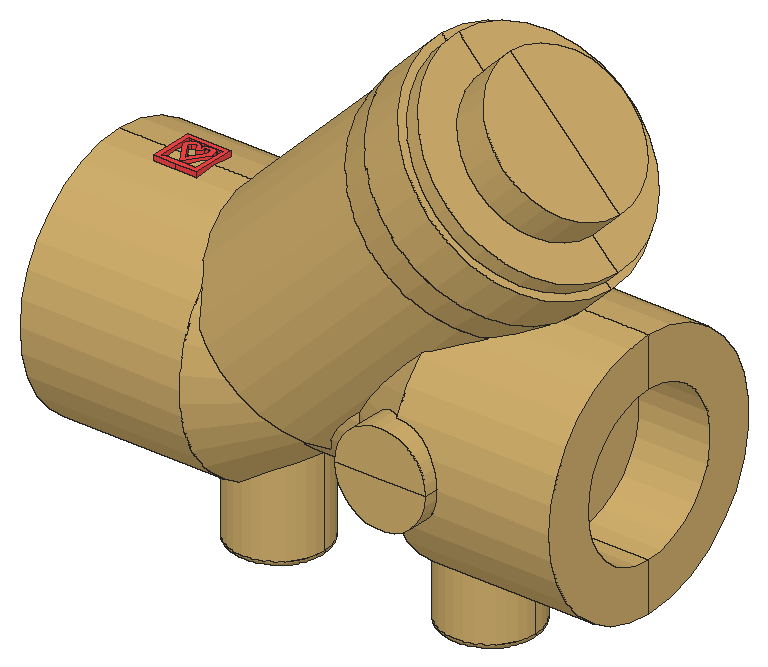
Revit family "Schmutzfänger 4111", category Rohrzubehör, Revit 2020
Family settings
  Bemaßung runder Anschluss = Durchmesser verwenden
  Teiletyp = Unterbricht
  OmniClass-Nummer = 23.65.55.14
  OmniClass-Titel = Valves for Liquid Services
  Arbeitsebenenbasiert = Nein
  Immer vertikal = Ja
  Beim Laden mit Abzugskörper schneiden = Nein
  Gemeinsam genutzt = Nein
Parameters
  max.Betriebstemp. = 110 °C  # constant formula
  W01 = 45.00°  # constant formula
  Vorgabe-Ansicht = 0.000 mm
  URL = "www.herz-armaturen.at"
  Siebkappe = "geschmiedetes Messing gem. EN 12420, CW617N"  # constant formula
  Sieb = "Streckmetall, Rautenmasche, Edelstahl 1.4301, Maschenweite 0,75mm"  # constant formula
  SW02 [instance] = size_lookup("4111_", "SW2", 11.000 mm, Nennweite)  # 8.500 mm
  SW01 [instance] = size_lookup("4111_", "SW1", 16.000 mm, Nennweite)  # 16.000 mm
  SCTWSEQ = "AW;SBT_TYP_AW=\"112\";2"
  SCTWCODE = "04;16;02"  # constant formula
  SCRNSEQ = "AWI;AWI_TYP=\"1011\";2"
  SCRNCODE = "05;15;02"  # constant formula
  S01 [instance] = R01 * 2  # 52.000 mm
  R100 = 1.000 mm  # constant formula
  R10 [instance] = size_lookup("4111_", "R10", 8.500 mm, Nennweite)  # 6.950 mm
  R09 [instance] = size_lookup("4111_", "R9", 30.000 mm, Nennweite)  # 15.000 mm
  R08 [instance] = R07 - 1.500 mm  # 23.500 mm
  R07 [instance] = size_lookup("4111_", "R7", 46.500 mm, Nennweite)  # 25.000 mm
  R06 [instance] = size_lookup("4111_", "R6", 43.000 mm, Nennweite)  # 24.000 mm
  R05 [instance] = Nennweite / 2  # 16.000 mm
  R04 [instance] = size_lookup("4111_", "R4", 11.500 mm, Nennweite)  # 9.500 mm
  R03 = 9.500 mm  # constant formula
  R02 [instance] = Nennweite / 2  # 16.000 mm
  R01 [instance] = (Nennweite / 2) + 10.000 mm  # 26.000 mm
  PN [instance] = size_lookup("4111_", "PN", 16, Nennweite)  # 25
  Nennweite [instance] = 32.000 mm
  Medium = "Heizungswasserqualität nach ÖNORM H 5195 oder VDI-Richtline 2035. Die Verwendung von Ethylen- oder\r\nPropylenglykol in einem Mischungsverhältnis 25 - 50% ist zulässig. Bitte beachten Sie die Hersteller- Dokumentation,\r\nwenn Glykol-Produkte für Frost- und Korrosionsschutz zum Einsatz kommen. EPDM-Dichtungen können durch\r\nMineralöle und Schmiermittel beschädigt werden und somit kann es zum Versagen der EPDM-Dichtungen führen.\r\nHERZ Kugelhähne sind nicht für den Einsatz von agressiven Medien (wie Säuren, Laugen, brennbaren und explosiven\r\nGase) geeignet, da die Dichtelemente beschädigt werden können."
  L16 [instance] = L03 - 4.500 mm  # 10.500 mm
  L15 [instance] = R01 - 1.000 mm  # 25.000 mm
  L14 [instance] = L06 - L08  # 7.300 mm
  L13 [instance] = size_lookup("4111_", "L13", 4.000 mm, Nennweite)  # 3.500 mm
  L12 = 0.800 mm  # constant formula
  L11 [instance] = size_lookup("4111_", "L11", 11.000 mm, Nennweite)  # 8.000 mm
  L10 = 3.500 mm  # constant formula
  L09 [instance] = size_lookup("4111_", "L9", 11.000 mm, Nennweite)  # 10.000 mm
  L08 [instance] = size_lookup("4111_", "L8", 35.000 mm, Nennweite)  # 52.700 mm
  L07 [instance] = size_lookup("4111_", "L7", 35.000 mm, Nennweite)  # 20.000 mm
  L06 [instance] = size_lookup("4111_", "L6", 118.000 mm, Nennweite) - L09  # 60.000 mm
  L05 [instance] = size_lookup("4111_", "L5", 44.000 mm, Nennweite)  # 27.500 mm
  L04 [instance] = size_lookup("4111_", "L4", 45.000 mm, Nennweite)  # 28.600 mm
  L03 = 15.000 mm  # constant formula
  L02 [instance] = size_lookup("4111_", "L2", 22.000 mm, Nennweite)  # 7.500 mm
  L01 [instance] = size_lookup("4111_", "L1", 48.000 mm, Nennweite)  # 33.000 mm
  L00 [instance] = size_lookup("4111_", "L", 180.000 mm, Nennweite)  # 110.000 mm
  Innengewinde = "gem. ISO 228-1"  # constant formula
  Hersteller = "Herz-Armaturen GmbH"  # constant formula
  H01 [instance] = size_lookup("4111_", "H1", 53.000 mm, Nennweite)  # 39.000 mm
  Gehäuse = "entzinkungsbeständiges Messing CC770S"  # constant formula
  Dichtungen = "EPDM"  # constant formula
  Bestellnummer [instance] = size_lookup("4111_", "Artnr", 0, Nennweite)  # 1411114
  Anwendungsgebiet = "Die Schmutzfänger werden in Rohrleitungen eingebaut, um schädliche Fremdkörper von den feinst bearbeiteten\r\nVentilsitzen fernzuhalten. Anwendungsgebiete sind haustechnische Anlagen, wie z.B. Heizungs- oder\r\nKaltwasseranlagen für die Klimatisierung von Gebäuden. Aromatische Chlorkohlenwasserstoffe, welche in Erdgas,\r\nErdölen und Schmiermitteln vorkommen, zerstören die EPDM- Dichtungen."
Reference planes
  plane 1 "Mitte (Vorne/hinten)": y = 0
  plane 2: z = 0
  plane 3 "Mitte (Links/rechts)": x = 0
Forms (mm)
  Revolve 1, solid, material "Messing", detail levels fine
    sketch origin (470, 0, 0) x (1, 0, 0) y (0, 0, 1)
      loop
        line (-525, 16) -> (-510, 16) -> (-510, 0) -> (-430, 0) -> (-430, 16) -> (-415, 16) -> (-415, 26) -> (-448, 26) -> (-462.5, 16) -> (-477.5, 16) -> (-492, 26) -> (-525, 26) -> (-525, 16)
      axis (-525, 0) -> (-415, 0)
    angle from 0 to 360
  Revolve 2, solid, material "Messing", detail levels fine
    sketch origin (470, 0, 0) x (1, 0, 0) y (0, 0, 1)
      loop
        line (-501.5, 0) -> (-501.5, -38)
        arc (-501.5, -38) -> (-501.207, -38.707) -> (-500.5, -39) r 1
        line (-500.5, -39) -> (-492, -39) -> (-492, 0) -> (-501.5, 0)
      axis (-492, 0) -> (-492, -39)
    angle from 0 to 360
  Revolve 3, solid, material "Messing", detail levels fine
    sketch origin (0, 0, 0) x (1, 0, 0) y (0, 1, 0)
      loop
        line (22, -28.6) -> (31.5, -28.6) -> (31.5, 27.5) -> (22, 27.5) -> (22, -28.6)
      axis (22, -28.6) -> (22, 27.5)
    angle from 0 to 360
  Revolve 4, solid, material "Messing", detail levels fine
    sketch origin (-470, 0, 0) x (-1, 0, 0) y (0, 0, 1)
      loop
        line (-501.5, 0) -> (-501.5, -38)
        arc (-501.5, -38) -> (-501.207, -38.707) -> (-500.5, -39) r 1
        line (-500.5, -39) -> (-492, -39) -> (-492, 0) -> (-501.5, 0)
      axis (-492, 0) -> (-492, -39)
    angle from 0 to 360
  Revolve 5, solid, material "Messing", detail levels fine
    sketch origin (0.32, 0, -0.105) x (1, 0, 0) y (0, 0, 1)
      loop
        line (-20.32, 0) -> (37.309, 57.629) -> (25.995, 68.943) -> (20.339, 63.286) -> (15.035, 68.589) -> (12.56, 66.114) -> (11.5, 67.175) -> (4.429, 60.104) -> (-0.026, 54.235) -> (-32.129, 22.132) -> (-31.634, 11.314) -> (-20.32, 0)
      axis (-20.32, 0) -> (37.309, 57.629)
    angle from 0 to 360
Lines and regions (mm)
  model lines, detail levels coarse+medium
    curve 1: line (-55, 0, 26) -> (55, 0, 26)
    curve 2: line (-55, 0, -26) -> (-55, 0, 26)
    curve 3: line (55, 0, -26) -> (-55, 0, -26)
    curve 4: line (55, 0, 26) -> (55, 0, -26)
    curve 6: line (-55, 26, 0) -> (55, 26, 0)
    curve 7: line (-55, -26, 0) -> (-55, 26, 0)
    curve 8: line (55, -26, 0) -> (-55, -26, 0)
    curve 9: line (55, 26, 0) -> (55, -26, 0)
    curve 10: line (55, -26, 0) -> (-55, 26, 0)
  symbolic lines, style "PipeAccessory"
    curve 5: line (55, 0, -26) -> (-55, 0, 26)
Dimensions and locks
  "H01": plane 2 to Revolve 2 sketch curve
  "L00": Revolve 1 sketch curve to Revolve 1 sketch curve
  equal spacing: Revolve 1 sketch curve, plane 3 "Mitte (Links/rechts)", Revolve 1 sketch curve
  "R01": Revolve 1 sketch curve to Revolve 1 sketch curve  (x2)
  "R02": Revolve 1 sketch curve to Revolve 1 sketch curve  (x3)
  "L01": Revolve 1 sketch curve to Revolve 1 sketch curve  (x2)
  "L02": plane 3 "Mitte (Links/rechts)" to Revolve 1 sketch curve
  "L02": Revolve 1 sketch curve to plane 3 "Mitte (Links/rechts)"
  "L03": Revolve 1 sketch curve to Revolve 1 sketch curve  (x2)
  "L01": Revolve 1 to Revolve 2 sketch curve
  "R03": Revolve 2 sketch curve to Revolve 2 sketch curve
  "L01": Revolve 4 sketch curve to Revolve 1
  "R03": Revolve 4 sketch curve to Revolve 4 sketch curve
  "H01": plane 2 to Revolve 4 sketch curve
  "L04": Revolve 3 sketch curve to plane 1 "Mitte (Vorne/hinten)"
  "L05": plane 1 "Mitte (Vorne/hinten)" to Revolve 3 sketch curve
  "R04": Revolve 3 sketch curve to Revolve 3 sketch curve
  "L01": Revolve 3 sketch curve to Revolve 1
  "SW01": Revolve 5 sketch curve to Revolve 5 sketch curve
  "R08": Revolve 5 sketch curve to Revolve 5 sketch curve
  "L10": Revolve 5 sketch curve to Revolve 5 sketch curve
  "L11": Revolve 5 sketch curve to Revolve 5 sketch curve
  "R07": Revolve 5 sketch curve to Revolve 5 sketch curve
  "L07": plane 3 "Mitte (Links/rechts)" to Revolve 5 sketch curve
  "R05": Revolve 5 sketch curve to Revolve 5 sketch curve
  "L06": Revolve 5 sketch curve to Revolve 5 sketch curve
  "L09": Revolve 5 sketch curve to Revolve 5 sketch curve
  "L08": Revolve 5 sketch curve to Revolve 5 sketch curve
  "R06": Revolve 5 sketch curve to Revolve 5 sketch curve
  "L14": Revolve 5 sketch curve to Revolve 5 sketch curve
  "L15": nested 1 to plane 2
  "L16": Revolve 1 to nested 1
  equal spacing: curve 7, plane 3 "Mitte (Links/rechts)", curve 9
  "L00": curve 7 to curve 9
  "S01": curve 6 to curve 8
  equal spacing: curve 4, plane 3 "Mitte (Links/rechts)", curve 2
  "L00": curve 4 to curve 2
  equal spacing: curve 1, plane 2, curve 3
  "S01": curve 1 to curve 3
  equal spacing: curve 8, plane 1 "Mitte (Vorne/hinten)", curve 6
  "R100": radius of Revolve 2 sketch curve
  "R100": radius of Revolve 4 sketch curve
  "W01": angle plane 2 to Revolve 5 sketch curve
  "W01": angle level to Revolve 5 sketch curve
  aligned and locked: level to plane 2
Automatic sketch dimensions
  Revolve 1 sketch curve to level = 0.000 mm  (x2)
  Revolve 1 sketch curve to Revolve 1 sketch curve = 791.990 mm
  Revolve 1 sketch curve to Revolve 1 sketch curve = 2278.983 mm
  Revolve 2 sketch curve to level = 0.000 mm  (x2)
  Revolve 2 sketch curve to Revolve 2 sketch curve = 0.000 mm
  Revolve 2 sketch curve to Revolve 2 sketch curve = 0.292 mm
  Revolve 3 sketch curve to Revolve 3 sketch curve = 0.000 mm  (x3)
  Revolve 4 sketch curve to level = 0.000 mm  (x2)
  Revolve 4 sketch curve to Revolve 4 sketch curve = 0.000 mm
  Revolve 4 sketch curve to Revolve 4 sketch curve = 0.292 mm
  Revolve 5 sketch curve to level = 0.105 mm
  Revolve 5 sketch curve to Revolve 5 sketch curve = 0.000 mm  (x2)
Nested families
  nested 1: "Herz-Logo" at (-39.982, 0, 25), type "Herz-Logo", detail levels fine
Connectors
  piping at (-40, 0, 0), diameter 32, driven by "Nennweite"
    settings: on Revolve 1, index 1, connector inside diameter 609.6 mm, connector length 0.000 mm, flow factor 0, pipe flow 0.0 L/s, pressure drop 0.0 Pa, fitting loss kfactor 0, connector angle 0.00°, fixture units 0, engagement length 0.000 mm, angle of deflection 0.00°, flow configuration 0, flow direction 1, fitting loss method 0, system type 29, joint type 0, gender type 0, connector reference index -1, connector utility 0, adjustable connector no, is connector primary yes, connector description ""
  piping at (40, 0, 0), diameter 32, driven by "Nennweite"
    settings: on Revolve 1, index 2, connector inside diameter 609.6 mm, connector length 0.000 mm, flow factor 0, pipe flow 0.0 L/s, pressure drop 0.0 Pa, fitting loss kfactor 0, connector angle 0.00°, fixture units 0, engagement length 0.000 mm, angle of deflection 0.00°, flow configuration 0, flow direction 2, fitting loss method 0, system type 29, joint type 0, gender type 0, connector reference index -1, connector utility 0, adjustable connector no, is connector primary no, connector description ""
Definition of nested family "Herz-Logo"
  Parameters (values of type "Herz-Logo")
    Default Elevation = 0.000 mm
  Reference planes
    plane 1 "Mitte (Vorne/hinten)": y = 0
    plane 2: z = 0
    plane 3 "Mitte (Links/rechts)": x = 0
  Forms (mm)
    Extrusion 1, solid
      sketch origin (0, 0, 0) x (1, 0, 0) y (0, 1, 0)
        loop
          line (-0.018, -4.517) -> (4.482, -4.517) -> (4.482, 4.483) -> (-4.518, 4.483) -> (-4.518, -4.517) -> (-0.018, -4.517)
        loop
          line (-0.05, -3.48) -> (3.482, -3.48) -> (3.482, 3.483) -> (-3.518, 3.483) -> (-3.518, -3.48) -> (-0.05, -3.48)
        loop
          arc (-0.018, 2.383) -> (-1.543, 3.287) -> (-3.067, 2.383) r 1.738
          arc (-3.067, 2.383) -> (-3.191, 1.899) -> (-3.067, 1.415) r 1.009
          line (-3.067, 1.415) -> (-0.018, -3.281) -> (3.032, 1.415)
          arc (3.032, 1.415) -> (3.156, 1.899) -> (3.032, 2.383) r 1.009
          arc (3.032, 2.383) -> (1.507, 3.287) -> (-0.018, 2.383) r 1.738
        loop
          arc (1.885, 1.272) -> (2.005, 1.675) -> (1.885, 2.079) r 0.74
          arc (1.885, 2.079) -> (1.265, 2.416) -> (0.644, 2.079) r 0.74
          line (0.644, 2.079) -> (-0.018, 0.97) -> (-0.679, 2.079)
          arc (-0.679, 2.079) -> (-1.3, 2.416) -> (-1.921, 2.079) r 0.74
          arc (-1.921, 2.079) -> (-2.04, 1.675) -> (-1.921, 1.272) r 0.74
          line (-1.921, 1.272) -> (-0.018, -1.658) -> (1.885, 1.272)
      from 0 to 1.5
  Dimensions and locks
    aligned and locked: level to plane 2
